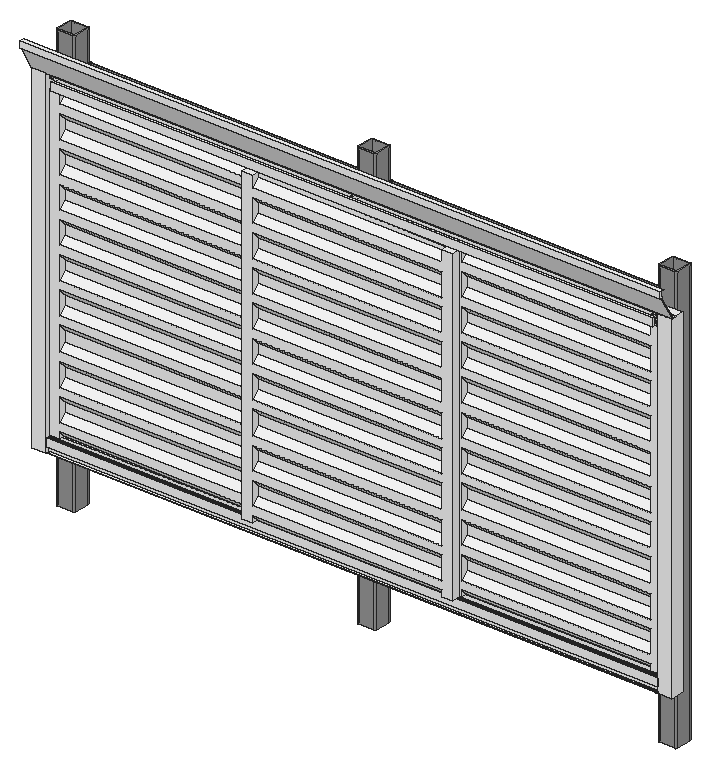
Revit family "Specialty_Equipment-Roof_Screen-Cityscapes-Envisor_4x4 Beam", category Specialty Equipment, Revit 2023 (continued)
Definition of nested family "Cityscapes-Trims"
  Dimensions and locks (in)
    Sweep 2 sketch curve to Sweep 2 sketch curve to Sweep 2 sketch curve to Sweep 2 sketch curve to Sweep 2 sketch curve to Sweep 2 sketch curve to Sweep 2 sketch curve to profile plane to Sweep 2 sketch curve = 0.0625" locked, 1.11186" locked, 0.0625" locked, 0.45405" locked, 0.04595" locked, 4.70064" locked, 0.0625" locked, 0.000" locked
    profile plane to Sweep 2 sketch curve to Sweep 2 sketch curve to Sweep 2 sketch curve to Sweep 2 sketch curve to Sweep 2 sketch curve to Sweep 2 sketch curve to Sweep 2 sketch curve to Sweep 2 sketch curve = 0.000" locked, 0.83892" locked, 0.06243" locked, 2.97365" locked, 0.46385" locked, 0.0625" locked, 0.41115" locked, 0.0625" locked
    Sweep 3 sketch curve to Sweep 3 sketch curve to Sweep 3 sketch curve to Sweep 3 sketch curve to Sweep 3 sketch curve to Sweep 3 sketch curve to Sweep 3 sketch curve to profile plane to Sweep 3 sketch curve to Sweep 3 sketch curve to Sweep 3 sketch curve = 0.0625" locked, 2.54167" locked, 0.0625" locked, 2.60417" locked, 0.0625" locked, 2.58742" locked, 0.0625" locked, 0.000" locked, 0.000" locked, 0.08917" locked
    profile plane to Sweep 3 sketch curve to Sweep 3 sketch curve to Sweep 3 sketch curve to Sweep 3 sketch curve to Sweep 3 sketch curve to Sweep 3 sketch curve to Sweep 3 sketch curve to Sweep 3 sketch curve to Sweep 3 sketch curve to Sweep 3 sketch curve = 0.000" locked, 0.875" locked, 0.0625" locked, 0.66108" locked, 0.0625" locked, 0.500" locked, 0.1875" locked, 0.0625" locked, 0.6875" locked, 0.0625" locked
    Sweep 4 sketch curve to Sweep 4 sketch curve to Sweep 4 sketch curve to Sweep 4 sketch curve to profile plane to Sweep 4 sketch curve to Sweep 4 sketch curve to Sweep 4 sketch curve = 2.78758" locked, 0.0625" locked, 2.58742" locked, 0.0625" locked, 0.000" locked, 0.000" locked, 0.08917" locked
    profile plane to Sweep 4 sketch curve to Sweep 4 sketch curve to Sweep 4 sketch curve to Sweep 4 sketch curve to Sweep 4 sketch curve to Sweep 4 sketch curve to Sweep 4 sketch curve = 0.000" locked, 0.875" locked, 0.0625" locked, 0.66108" locked, 0.0625" locked, 0.6875", 0.0625" locked
    profile plane to Sweep 5 sketch curve to Sweep 5 sketch curve to Sweep 5 sketch curve to Sweep 5 sketch curve to Sweep 5 sketch curve = 0.000" locked, 0.875" locked, 0.0625" locked, 0.66108" locked, 0.0625" locked
    Sweep 5 sketch curve to Sweep 5 sketch curve to profile plane to Sweep 5 sketch curve to Sweep 5 sketch curve to Sweep 5 sketch curve = 2.9375" locked, 0.0625" locked, 0.000" locked, 0.000" locked, 0.08917" locked
    "CD_Height": plane 5 to level
    "CD_Depth": plane 1 "Center (Front/Back)" to plane 6
    locked: plane 1 "Center (Front/Back)" to Extrusion 6 sketch curve at 0.83892
    locked: plane 2 to Extrusion 6 sketch curve at 0.0625
    "CD_Left Corner Offset": plane 7 to plane 3 "Left"
    "CD_Right Corner Offset": plane 4 "Right" to plane 8
    locked: Extrusion 7 to plane 5 at 5.5
    locked: level to Extrusion 7 at 4.50881
    Extrusion 7 sketch curve to plane 8 to Extrusion 7 sketch curve = 4.875" locked, 2.750" locked
    Extrusion 7 sketch curve to plane 6 to Extrusion 7 sketch curve = 2.750" locked, 4.875" locked
    Extrusion 7 sketch curve to plane 7 to Extrusion 7 sketch curve = 4.875" locked, 4.250" locked
    Extrusion 7 sketch curve to plane 6 to Extrusion 7 sketch curve = 4.250" locked, 4.875" locked
    aligned and locked: plane 4 "Right" to curve 1
    aligned and locked: plane 1 "Center (Front/Back)" to curve 1
    aligned and locked: plane 3 "Left" to curve 1
    aligned and locked: level to plane 2
    aligned and locked: plane 4 "Right" to Sweep 1 sketch curve
    aligned and locked: plane 3 "Left" to Sweep 1 sketch curve
    aligned and locked: plane 1 "Center (Front/Back)" to Sweep 1 sketch curve
    aligned and locked: plane 1 "Center (Front/Back)" to Sweep 2 sketch curve
    aligned and locked: plane 3 "Left" to Sweep 2 sketch curve
    aligned and locked: plane 4 "Right" to Sweep 2 sketch curve
    aligned and locked: plane 3 "Left" to Sweep 3 sketch curve
    aligned and locked: plane 4 "Right" to Sweep 3 sketch curve
    aligned and locked: plane 1 "Center (Front/Back)" to Sweep 3 sketch curve
    aligned and locked: plane 3 "Left" to Sweep 4 sketch curve
    aligned and locked: plane 4 "Right" to Sweep 4 sketch curve
    aligned and locked: plane 1 "Center (Front/Back)" to Sweep 4 sketch curve
    aligned and locked: plane 3 "Left" to Sweep 5 sketch curve
    aligned and locked: plane 4 "Right" to Sweep 5 sketch curve
    aligned and locked: plane 1 "Center (Front/Back)" to Sweep 5 sketch curve
    aligned and locked: Extrusion 6 sketch curve to plane 2
    aligned and locked: Extrusion 6 sketch curve to plane 6
    aligned and locked: Extrusion 6 sketch curve to plane 5
    aligned and locked: plane 1 "Center (Front/Back)" to Extrusion 6 sketch curve
    aligned and locked: plane 4 "Right" to Extrusion 6
    aligned and locked: Extrusion 6 to plane 3 "Left"
  Automatic sketch dimensions
    Sweep 2 sketch curve to Sweep 2 sketch curve = 0.000"  (x2)
Definition of nested family "Nested-Cityscapes-4x4 Beam"
  Parameters (values of type "4x4 Vertical Beam")
    URL = "Link to MFG corporate homepage"
    Type Comments = "Comments based on Product Type"
    Model = "Model Name or ID, set with equation if possible"  # constant formula
    Manufacturer = "Full Manufacturer Name"  # constant formula
    Description = "General Description of Product"  # constant formula
    Default Elevation = 0.000"
    CD_Width = 4.000"  # constant formula
    CD_Warranty = "Link to MFG Warranty Information"
    CD_Unit Size = "Description of Product Sizing, set with equation if possible"  # constant formula
    CD_Trim Height [instance] = 6.500"
    CD_Specification = "Link to Product Specification"
    CD_Product Page URL = "Link to MFG Product Page"
    CD_Product Name = "Name of Product/Series represented, set with equation if possible"  # constant formula
    CD_Product Documentation Link = "Link to MFG Product Brochure or Doocumentation"
    CD_Microsite = "Link to MFG CADdetails Microsite"
    CD_Install Documentation = "Link to MFG Installtion Documentation"
    CD_Height [instance] = 96.000"
    CD_Finish [instance] = none
    CD_Disclaimer = "Insert Product Description usage if available"  # constant formula
    CD_Depth = 4.000"  # constant formula
    CD_Curb Height [instance] = 12.000"
    CD_Architectural Portal = "Link to MFG Technical Resources"
    Assembly Code = "Connect to closest Uniformat"
  Reference planes (in)
    plane 1 "Center (Front/Back)": y = 0
    plane 2 "Bottom": z = 0
    plane 3 "Center (Left/Right)": x = 0
    plane 4 "top beam": z = 96
    plane 5 "Left": x = -2
    plane 6 "Right": x = 2
    plane 7 "Back": y = 2
    plane 8 "Front": y = -2
    plane 9 "curb": z = 12
    plane 10: z = 12.125
    plane 11: z = 13.385
    plane 12 "trim": z = 89.5
    plane 13 "t panel": z = 88.115
    plane 14: x = -1
    plane 15: x = 1
  Forms (in)
    Extrusion 1, solid, material <- "CD_Finish", detail levels coarse
      sketch origin (0, 0, 0) x (1, 0, 0) y (0, 1, 0)
        loop
          line (-2, 2) -> (-2, -2) -> (2, -2) -> (2, 2) -> (-2, 2)
      from 0 to 96
    Extrusion 2, solid, material <- "CD_Finish", detail levels medium+fine
      sketch origin (0, 0, 0) x (1, 0, 0) y (0, 1, 0)
        loop
          arc (-1.625, 2) -> (-1.89017, 1.89017) -> (-2, 1.625) r 0.375
          line (-2, 1.625) -> (-2, -1.625)
          arc (-2, -1.625) -> (-1.89017, -1.89017) -> (-1.625, -2) r 0.375
          line (-1.625, -2) -> (1.625, -2)
          arc (1.625, -2) -> (1.89017, -1.89017) -> (2, -1.625) r 0.375
          line (2, -1.625) -> (2, 1.625)
          arc (2, 1.625) -> (1.89017, 1.89017) -> (1.625, 2) r 0.375
          line (1.625, 2) -> (-1.625, 2)
        loop
          line (-1.75, 1.6875) -> (-1.75, -1.6875)
          arc (-1.75, -1.6875) -> (-1.73169, -1.73169) -> (-1.6875, -1.75) r 0.0625
          line (-1.6875, -1.75) -> (1.6875, -1.75)
          arc (1.6875, -1.75) -> (1.73169, -1.73169) -> (1.75, -1.6875) r 0.0625
          line (1.75, -1.6875) -> (1.75, 1.6875)
          arc (1.75, 1.6875) -> (1.73169, 1.73169) -> (1.6875, 1.75) r 0.0625
          line (1.6875, 1.75) -> (-1.6875, 1.75)
          arc (-1.6875, 1.75) -> (-1.73169, 1.73169) -> (-1.75, 1.6875) r 0.0625
      from 0 to 96
    Extrusion 3, solid, material <- "CD_Finish", detail levels medium+fine
      sketch origin (0, 0, 5.55864) x (0, 1, 0) y (0, 0, 1)
        loop
          line (-2, 7.4514) -> (-2, 10.4514) -> (-2.125, 10.4514)
          arc (-2.125, 10.4514) -> (-2.21339, 10.41479) -> (-2.25, 10.3264) r 0.125
          line (-2.25, 10.3264) -> (-2.25, 7.8264)
          arc (-2.25, 7.8264) -> (-2.28661, 7.73801) -> (-2.375, 7.7014) r 0.125
          line (-2.375, 7.7014) -> (-4.875, 7.7014)
          arc (-4.875, 7.7014) -> (-4.96339, 7.66479) -> (-5, 7.5764) r 0.125
          line (-5, 7.5764) -> (-5, 7.4514) -> (-2, 7.4514)
      from -1 to 1
    Extrusion 4, solid, material <- "CD_Finish", detail levels medium+fine
      sketch origin (0, 0, 95.94136) x (0, 1, 0) y (0, 0, 1)
        loop
          line (-2, -7.4514) -> (-5, -7.4514) -> (-5, -7.5764)
          arc (-5, -7.5764) -> (-4.96339, -7.66479) -> (-4.875, -7.7014) r 0.125
          line (-4.875, -7.7014) -> (-2.375, -7.7014)
          arc (-2.375, -7.7014) -> (-2.28661, -7.73801) -> (-2.25, -7.8264) r 0.125
          line (-2.25, -7.8264) -> (-2.25, -10.3264)
          arc (-2.25, -10.3264) -> (-2.21339, -10.41479) -> (-2.125, -10.4514) r 0.125
          line (-2.125, -10.4514) -> (-2, -10.4514) -> (-2, -7.4514)
      from -1 to 1
  Dimensions and locks (in)
    "CD_Height": plane 4 "top beam" to plane 2 "Bottom"
    equal spacing: plane 5 "Left", plane 3 "Center (Left/Right)", plane 6 "Right"
    "CD_Width": plane 5 "Left" to plane 6 "Right"
    equal spacing: plane 8 "Front", plane 1 "Center (Front/Back)", plane 7 "Back"
    "CD_Depth": plane 8 "Front" to plane 7 "Back"
    locked: plane 5 "Left" to Extrusion 2 sketch curve at 0.25
    locked: Extrusion 2 sketch curve to plane 6 "Right" at 0.25
    locked: Extrusion 2 sketch curve to plane 7 "Back" at 0.25
    locked: plane 8 "Front" to Extrusion 2 sketch curve at 0.25
    "CD_Curb Height": plane 9 "curb" to level
    plane 11 to plane 10 to plane 9 "curb" = 1.260" locked, 0.125" locked
    "CD_Trim Height": plane 4 "top beam" to plane 12 "trim"
    locked: plane 12 "trim" to plane 13 "t panel" at 1.385
    plane 15 to plane 3 "Center (Left/Right)" to plane 14 = 1.000" locked, 1.000" locked
    aligned and locked: plane 2 "Bottom" to level
    aligned and locked: plane 7 "Back" to Extrusion 1 sketch curve
    aligned and locked: plane 5 "Left" to Extrusion 1 sketch curve
    aligned and locked: Extrusion 1 sketch curve to plane 8 "Front"
    aligned and locked: Extrusion 1 sketch curve to plane 6 "Right"
    aligned and locked: Extrusion 1 to level
    aligned and locked: plane 4 "top beam" to Extrusion 1
    aligned and locked: plane 5 "Left" to Extrusion 2 sketch curve
    aligned and locked: Extrusion 2 sketch curve to plane 8 "Front"
    aligned and locked: Extrusion 2 sketch curve to plane 6 "Right"
    aligned and locked: plane 7 "Back" to Extrusion 2 sketch curve
    aligned and locked: Extrusion 2 to level
    aligned and locked: plane 4 "top beam" to Extrusion 2
    aligned and locked: Extrusion 4 to plane 14
    aligned and locked: plane 15 to Extrusion 4
    aligned and locked: Extrusion 3 to plane 14
    aligned and locked: plane 15 to Extrusion 3
  Automatic sketch dimensions
    Extrusion 2 sketch curve to Extrusion 2 sketch curve = 0.0625"  (x6)
    Extrusion 2 sketch curve to Extrusion 2 sketch curve = 0.125"  (x2)
    Extrusion 3 sketch curve to plane 8 "Front" = 0.000"
    plane 8 "Front" to Extrusion 3 sketch curve = 0.125"
    plane 11 to Extrusion 3 sketch curve = 0.00004"
    plane 8 "Front" to Extrusion 3 sketch curve = 0.250"
    Extrusion 3 sketch curve to plane 11 = 0.12496"
    Extrusion 3 sketch curve to plane 11 = 0.24996"
    Extrusion 3 sketch curve to Extrusion 3 sketch curve = 2.500"
    Extrusion 3 sketch curve to plane 11 = 0.37496"
    plane 11 to Extrusion 3 sketch curve = 2.50004"
    Extrusion 4 sketch curve to plane 8 "Front" = 0.000"
    plane 8 "Front" to Extrusion 4 sketch curve = 0.125"
    Extrusion 4 sketch curve to plane 13 "t panel" = 0.00004"
    plane 8 "Front" to Extrusion 4 sketch curve = 0.250"
    plane 13 "t panel" to Extrusion 4 sketch curve = 0.12496"
    plane 13 "t panel" to Extrusion 4 sketch curve = 0.24996"
    Extrusion 4 sketch curve to Extrusion 4 sketch curve = 2.500"  (x2)
    plane 13 "t panel" to Extrusion 4 sketch curve = 0.37496"
Definition of nested family "Nested-Cityscapes-4x4 Beam_Horizontal"
  Parameters (values of type "4x4 Horizontal Beam")
    URL = "Link to MFG corporate homepage"
    Type Comments = "Comments based on Product Type"
    Model = "Model Name or ID, set with equation if possible"  # constant formula
    Manufacturer = "Full Manufacturer Name"  # constant formula
    Description = "General Description of Product"  # constant formula
    Default Elevation = 0.000"
    CD_Width Mid [instance] = 48.000"
    CD_Width = 4.000"  # constant formula
    CD_Warranty = "Link to MFG Warranty Information"
    CD_Unit Size = "Description of Product Sizing, set with equation if possible"  # constant formula
    CD_Trim Height [instance] = 6.500"
    CD_Specification = "Link to Product Specification"
    CD_Product Page URL = "Link to MFG Product Page"
    CD_Product Name = "Name of Product/Series represented, set with equation if possible"  # constant formula
    CD_Product Documentation Link = "Link to MFG Product Brochure or Doocumentation"
    CD_Microsite = "Link to MFG CADdetails Microsite"
    CD_Install Documentation = "Link to MFG Installtion Documentation"
    CD_Height [instance] = 96.000"
    CD_Finish [instance] = none
    CD_Disclaimer = "Insert Product Description usage if available"  # constant formula
    CD_Depth = 4.000"  # constant formula
    CD_Curb Height [instance] = 12.000"
    CD_Architectural Portal = "Link to MFG Technical Resources"
    Assembly Code = "Connect to closest Uniformat"
  Reference planes (in)
    plane 1 "Center (Front/Back)": y = 0
    plane 2 "Bottom": z = 0
    plane 3 "Center (Left/Right)": x = 0
    plane 4 "top beam": z = 96
    plane 5 "Left": x = -2
    plane 6 "Right": x = 2
    plane 7 "Back": y = 2
    plane 8 "Front": y = -2
    plane 9 "curb": z = 12
    plane 10 "trim": z = 89.5
    plane 11: x = 46
    plane 12: x = 48
    plane 13: x = 50
  Forms (in)
    Extrusion 1, solid, material <- "CD_Finish", detail levels coarse
      sketch origin (0, 0, 0) x (0, 1, 0) y (0, 0, 1)
        loop
          line (2, 12) -> (2, 16) -> (-2, 16) -> (-2, 12) -> (2, 12)
      from 2 to 46
    Extrusion 2, solid, material <- "CD_Finish", detail levels coarse
      sketch origin (0, 0, 73.5) x (0, 1, 0) y (0, 0, 1)
        loop
          line (2, 12) -> (2, 16) -> (-2, 16) -> (-2, 12) -> (2, 12)
      from 2 to 46
    Extrusion 3, solid, material <- "CD_Finish", detail levels medium+fine
      sketch origin (0, 0, 0) x (0, 1, 0) y (0, 0, 1)
        loop
          line (-1.625, 12) -> (1.625, 12)
          arc (1.625, 12) -> (1.89017, 12.10983) -> (2, 12.375) r 0.375
          line (2, 12.375) -> (2, 15.625)
          arc (2, 15.625) -> (1.89017, 15.89017) -> (1.625, 16) r 0.375
          line (1.625, 16) -> (-1.625, 16)
          arc (-1.625, 16) -> (-1.89017, 15.89017) -> (-2, 15.625) r 0.375
          line (-2, 15.625) -> (-2, 12.375)
          arc (-2, 12.375) -> (-1.89017, 12.10983) -> (-1.625, 12) r 0.375
        loop
          line (1.6875, 15.75) -> (-1.6875, 15.75)
          arc (-1.6875, 15.75) -> (-1.73169, 15.73169) -> (-1.75, 15.6875) r 0.0625
          line (-1.75, 15.6875) -> (-1.75, 12.3125)
          arc (-1.75, 12.3125) -> (-1.73169, 12.26831) -> (-1.6875, 12.25) r 0.0625
          line (-1.6875, 12.25) -> (1.6875, 12.25)
          arc (1.6875, 12.25) -> (1.73169, 12.26831) -> (1.75, 12.3125) r 0.0625
          line (1.75, 12.3125) -> (1.75, 15.6875)
          arc (1.75, 15.6875) -> (1.73169, 15.73169) -> (1.6875, 15.75) r 0.0625
      from 2 to 46
    Extrusion 4, solid, material <- "CD_Finish", detail levels medium+fine
      sketch origin (0, 0, 73.5) x (0, 1, 0) y (0, 0, 1)
        loop
          line (-1.625, 12) -> (1.625, 12)
          arc (1.625, 12) -> (1.89017, 12.10983) -> (2, 12.375) r 0.375
          line (2, 12.375) -> (2, 15.625)
          arc (2, 15.625) -> (1.89017, 15.89017) -> (1.625, 16) r 0.375
          line (1.625, 16) -> (-1.625, 16)
          arc (-1.625, 16) -> (-1.89017, 15.89017) -> (-2, 15.625) r 0.375
          line (-2, 15.625) -> (-2, 12.375)
          arc (-2, 12.375) -> (-1.89017, 12.10983) -> (-1.625, 12) r 0.375
        loop
          line (1.6875, 15.75) -> (-1.6875, 15.75)
          arc (-1.6875, 15.75) -> (-1.73169, 15.73169) -> (-1.75, 15.6875) r 0.0625
          line (-1.75, 15.6875) -> (-1.75, 12.3125)
          arc (-1.75, 12.3125) -> (-1.73169, 12.26831) -> (-1.6875, 12.25) r 0.0625
          line (-1.6875, 12.25) -> (1.6875, 12.25)
          arc (1.6875, 12.25) -> (1.73169, 12.26831) -> (1.75, 12.3125) r 0.0625
          line (1.75, 12.3125) -> (1.75, 15.6875)
          arc (1.75, 15.6875) -> (1.73169, 15.73169) -> (1.6875, 15.75) r 0.0625
      from 2 to 46
  Dimensions and locks (in)
    "CD_Height": plane 4 "top beam" to plane 2 "Bottom"
    equal spacing: plane 5 "Left", plane 3 "Center (Left/Right)", plane 6 "Right"
    "CD_Width": plane 5 "Left" to plane 6 "Right"
    equal spacing: plane 8 "Front", plane 1 "Center (Front/Back)", plane 7 "Back"
    "CD_Depth": plane 8 "Front" to plane 7 "Back"
    "CD_Curb Height": plane 9 "curb" to level
    "CD_Trim Height": plane 4 "top beam" to plane 10 "trim"
    "CD_Width Mid": plane 3 "Center (Left/Right)" to plane 12
    locked: Extrusion 1 sketch curve to plane 9 "curb" at 4
    locked: plane 10 "trim" to Extrusion 2 sketch curve at 4
    locked: Extrusion 3 sketch curve to plane 9 "curb" at 4
    locked: Extrusion 3 sketch curve to plane 8 "Front" at 0.25
    locked: plane 7 "Back" to Extrusion 3 sketch curve at 0.25
    locked: Extrusion 3 sketch curve to plane 9 "curb" at 0.25
    locked: Extrusion 3 sketch curve to Extrusion 3 sketch curve at 0.25
    locked: Extrusion 4 sketch curve to Extrusion 4 sketch curve at 0.25  (x2)
    locked: plane 10 "trim" to Extrusion 4 sketch curve at 4
    locked: plane 7 "Back" to Extrusion 4 sketch curve at 0.25
    locked: Extrusion 4 sketch curve to plane 8 "Front" at 0.25
    "CD_Width": plane 11 to plane 13
    equal spacing: plane 11, plane 12, plane 13
    aligned and locked: plane 2 "Bottom" to level
    aligned and locked: Extrusion 1 sketch curve to plane 7 "Back"
    aligned and locked: plane 8 "Front" to Extrusion 1 sketch curve
    aligned and locked: Extrusion 1 sketch curve to plane 9 "curb"
    aligned and locked: plane 11 to Extrusion 1
    aligned and locked: Extrusion 1 to plane 6 "Right"
    aligned and locked: plane 10 "trim" to Extrusion 2 sketch curve
    aligned and locked: plane 8 "Front" to Extrusion 2 sketch curve
    aligned and locked: Extrusion 2 sketch curve to plane 7 "Back"
    aligned and locked: Extrusion 2 to plane 6 "Right"
    aligned and locked: plane 11 to Extrusion 2
    aligned and locked: plane 7 "Back" to Extrusion 3 sketch curve
    aligned and locked: plane 9 "curb" to Extrusion 3 sketch curve
    aligned and locked: Extrusion 3 sketch curve to plane 8 "Front"
    aligned and locked: plane 11 to Extrusion 3
    aligned and locked: Extrusion 3 to plane 6 "Right"
    aligned and locked: plane 7 "Back" to Extrusion 4 sketch curve
    aligned and locked: Extrusion 4 sketch curve to plane 8 "Front"
    aligned and locked: Extrusion 4 sketch curve to plane 10 "trim"
    aligned and locked: plane 11 to Extrusion 4
    aligned and locked: Extrusion 4 to plane 6 "Right"
  Automatic sketch dimensions
    Extrusion 3 sketch curve to Extrusion 3 sketch curve = 0.0625"  (x6)
    Extrusion 3 sketch curve to Extrusion 3 sketch curve = 0.125"  (x2)
    Extrusion 4 sketch curve to Extrusion 4 sketch curve = 0.0625"  (x7)
    plane 7 "Back" to Extrusion 4 sketch curve = 0.375"
Definition of nested family "Nested-Cityscapes-Rail"
  Parameters (values of type "4x4 Vertical Beam")
    URL = "Link to MFG corporate homepage"
    Type Comments = "Comments based on Product Type"
    Model = "Model Name or ID, set with equation if possible"  # constant formula
    Manufacturer = "Full Manufacturer Name"  # constant formula
    Description = "General Description of Product"  # constant formula
    Default Elevation = 0.000"
    CD_Width = 4.000"  # constant formula
    CD_Warranty = "Link to MFG Warranty Information"
    CD_Unit Size = "Description of Product Sizing, set with equation if possible"  # constant formula
    CD_Trim Height [instance] = 6.500"
    CD_Specification = "Link to Product Specification"
    CD_Product Page URL = "Link to MFG Product Page"
    CD_Product Name = "Name of Product/Series represented, set with equation if possible"  # constant formula
    CD_Product Documentation Link = "Link to MFG Product Brochure or Doocumentation"
    CD_Microsite = "Link to MFG CADdetails Microsite"
    CD_Length [instance] = 144.000"
    CD_Install Documentation = "Link to MFG Installtion Documentation"
    CD_Height [instance] = 96.000"
    CD_Finish [instance] = none
    CD_Disclaimer = "Insert Product Description usage if available"  # constant formula
    CD_Depth = 4.000"  # constant formula
    CD_Curb Height [instance] = 12.000"
    CD_Architectural Portal = "Link to MFG Technical Resources"
    Assembly Code = "Connect to closest Uniformat"
  Reference planes (in)
    plane 1 "Center (Front/Back)": y = 0
    plane 2 "Bottom": z = 0
    plane 3 "Center (Left/Right)": x = 0
    plane 4 "top beam": z = 96
    plane 5 "Left": x = -1
    plane 6 "Right": x = 1
    plane 7 "Back": y = 2
    plane 8 "Front": y = -2
    plane 9 "curb": z = 12
    plane 10: z = 12.125
    plane 11: z = 13.385
    plane 12 "trim": z = 89.5
    plane 13 "t panel": z = 88.115
    plane 14 "Extent": x = 144
    plane 15: x = 143
    plane 16: x = 145
  Forms (in)
    Extrusion 1, solid, material <- "CD_Finish", detail levels medium+fine
      sketch origin (0, 19.10673, -6.96669) x (0, 1, 0) y (0, 0, 1)
        loop
          line (-21.94209, 21.85173) -> (-22.24157, 21.85173) -> (-22.24157, 21.72696) -> (-22.06709, 21.72696) -> (-22.06709, 20.35173) -> (-22.66708, 20.35173) -> (-22.66708, 21.72696) -> (-22.4926, 21.72696) -> (-22.4926, 21.85173) -> (-22.79208, 21.85173) -> (-22.79208, 21.06673) -> (-22.97958, 21.06673) -> (-22.97958, 20.97673) -> (-22.79208, 20.97673) -> (-22.79208, 20.85673) -> (-22.97958, 20.85673) -> (-22.97958, 20.76673) -> (-22.79208, 20.76673) -> (-22.79208, 20.35173) -> (-23.26707, 20.35173) -> (-23.26707, 20.41422) -> (-23.35707, 20.41422) -> (-23.35707, 20.35173) -> (-23.47706, 20.35173) -> (-23.47706, 20.41422) -> (-23.56706, 20.41422) -> (-23.56706, 20.35173) -> (-24.04208, 20.35173) -> (-24.04208, 20.76673) -> (-23.85458, 20.76673) -> (-23.85458, 20.85673) -> (-24.04208, 20.85673) -> (-24.04208, 20.97673) -> (-23.85458, 20.97673) -> (-23.85458, 21.06673) -> (-24.04208, 21.06673) -> (-24.04208, 21.85173) -> (-24.34157, 21.85173) -> (-24.34157, 21.72696) -> (-24.16708, 21.72696) -> (-24.16708, 20.35173) -> (-24.76708, 20.35173) -> (-24.76708, 21.72696) -> (-24.59259, 21.72696) -> (-24.59259, 21.85173) -> (-24.89209, 21.85173) -> (-24.89209, 20.22673) -> (-24.23173, 20.22673) -> (-24.23173, 19.06169) -> (-24.77873, 19.06169) -> (-24.77873, 19.00606) -> (-24.84173, 19.00606) -> (-24.84173, 18.96669) -> (-23.91798, 18.96669) -> (-23.91798, 18.89669) -> (-24.01173, 18.89669) -> (-24.01173, 18.83369) -> (-23.85498, 18.83369) -> (-23.85498, 18.96669) -> (-22.97958, 18.96669) -> (-22.97958, 19.09173) -> (-24.10673, 19.09173) -> (-24.10673, 20.22673) -> (-21.94209, 20.22673) -> (-21.94209, 21.85173)
      from -1 to 145
    Extrusion 2, solid, material <- "CD_Finish", detail levels medium+fine
      sketch origin (0, 21.34616, 54.79239) x (0, 1, 0) y (0, 0, 1)
        loop
          line (-24.18152, 31.82257) -> (-24.18152, 33.44757) -> (-26.34616, 33.44757) -> (-26.34616, 34.58257) -> (-25.21902, 34.58257) -> (-25.21902, 34.70761) -> (-26.09441, 34.70761) -> (-26.09441, 34.84061) -> (-26.25116, 34.84061) -> (-26.25116, 34.77761) -> (-26.15741, 34.77761) -> (-26.15741, 34.70761) -> (-27.08116, 34.70761) -> (-27.08116, 34.66824) -> (-27.01816, 34.66824) -> (-27.01816, 34.61261) -> (-26.47116, 34.61261) -> (-26.47116, 33.44757) -> (-27.13152, 33.44757) -> (-27.13152, 31.82257) -> (-26.83203, 31.82257) -> (-26.83203, 31.94734) -> (-27.00651, 31.94734) -> (-27.00651, 33.32257) -> (-26.40652, 33.32257) -> (-26.40652, 31.94734) -> (-26.581, 31.94734) -> (-26.581, 31.82257) -> (-26.28152, 31.82257) -> (-26.28152, 32.60757) -> (-26.09402, 32.60757) -> (-26.09402, 32.69757) -> (-26.28152, 32.69757) -> (-26.28152, 32.81757) -> (-26.09402, 32.81757) -> (-26.09402, 32.90757) -> (-26.28152, 32.90757) -> (-26.28152, 33.32257) -> (-25.80649, 33.32257) -> (-25.80649, 33.26008) -> (-25.71649, 33.26008) -> (-25.71649, 33.32257) -> (-25.59651, 33.32257) -> (-25.59651, 33.26008) -> (-25.50651, 33.26008) -> (-25.50651, 33.32257) -> (-25.03152, 33.32257) -> (-25.03152, 32.90757) -> (-25.21902, 32.90757) -> (-25.21902, 32.81757) -> (-25.03152, 32.81757) -> (-25.03152, 32.69757) -> (-25.21902, 32.69757) -> (-25.21902, 32.60757) -> (-25.03152, 32.60757) -> (-25.03152, 31.82257) -> (-24.73203, 31.82257) -> (-24.73203, 31.94734) -> (-24.90652, 31.94734) -> (-24.90652, 33.32257) -> (-24.30652, 33.32257) -> (-24.30652, 31.94734) -> (-24.48101, 31.94734) -> (-24.48101, 31.82257) -> (-24.18152, 31.82257)
      from 0 to 144
    Extrusion 3, solid, material <- "CD_Finish", detail levels coarse
      sketch origin (0, 0, 0.12496) x (0, 1, 0) y (0, 0, 1)
        loop
          line (-5.78536, 86.49) -> (-2, 86.49) -> (-2, 89.37504) -> (-5.78536, 89.37504) -> (-5.78536, 86.49)
      from 0 to 144
    Extrusion 4, solid, material <- "CD_Finish", detail levels coarse
      sketch origin (0, 0, -74.61496) x (0, 1, 0) y (0, 0, 1)
        loop
          line (-5.78536, 86.49) -> (-2, 86.49) -> (-2, 89.5) -> (-5.78536, 89.5) -> (-5.78536, 86.49)
      from -1 to 145
  Dimensions and locks (in)
    "CD_Height": plane 4 "top beam" to plane 2 "Bottom"
    equal spacing: plane 5 "Left", plane 3 "Center (Left/Right)", plane 6 "Right"
    "CD_Length": plane 3 "Center (Left/Right)" to plane 14 "Extent"
    equal spacing: plane 8 "Front", plane 1 "Center (Front/Back)", plane 7 "Back"
    "CD_Depth": plane 8 "Front" to plane 7 "Back"
    "CD_Curb Height": plane 9 "curb" to level
    plane 11 to plane 10 to plane 9 "curb" = 1.260" locked, 0.125" locked
    "CD_Trim Height": plane 4 "top beam" to plane 12 "trim"
    locked: plane 12 "trim" to plane 13 "t panel" at 1.385
    Extrusion 1 sketch curve to Extrusion 1 sketch curve to Extrusion 1 sketch curve to Extrusion 1 sketch curve to Extrusion 1 sketch curve to Extrusion 1 sketch curve to Extrusion 1 sketch curve to Extrusion 1 sketch curve to Extrusion 1 sketch curve to Extrusion 1 sketch curve to Extrusion 1 sketch curve to Extrusion 1 sketch curve to Extrusion 1 sketch curve to Extrusion 1 sketch curve to Extrusion 1 sketch curve to Extrusion 1 sketch curve to Extrusion 1 sketch curve to Extrusion 1 sketch curve to Extrusion 1 sketch curve to Extrusion 1 sketch curve to Extrusion 1 sketch curve to Extrusion 1 sketch curve to Extrusion 1 sketch curve to Extrusion 1 sketch curve to Extrusion 1 sketch curve to Extrusion 1 sketch curve to Extrusion 1 sketch curve to Extrusion 1 sketch curve to Extrusion 1 sketch curve to Extrusion 1 sketch curve to Extrusion 1 sketch curve to Extrusion 1 sketch curve = 0.125" locked, 0.17449" locked, 0.25102" locked, 0.17449" locked, 0.125" locked, 0.000" locked, 0.000" locked, 0.1875" locked, 0.000" locked, 0.000" locked, 0.28749" locked, 0.090" locked, 0.11998" locked, 0.090" locked, 0.28753", 0.000" locked, 0.0004" locked, 0.063" locked, 0.09375" locked, 0.03035" locked, 0.000" locked, 0.000" locked, 0.06465" locked, 0.06035" locked, 0.06465" locked, 0.10984" locked, 0.25102" locked, 0.17449" locked, 0.01165" locked, 0.063" locked, 0.05036" locked
    Extrusion 1 sketch curve to Extrusion 1 sketch curve to Extrusion 1 sketch curve to Extrusion 1 sketch curve to Extrusion 1 sketch curve to Extrusion 1 sketch curve to Extrusion 1 sketch curve to Extrusion 1 sketch curve to Extrusion 1 sketch curve to Extrusion 1 sketch curve to Extrusion 1 sketch curve to Extrusion 1 sketch curve to Extrusion 1 sketch curve to Extrusion 1 sketch curve to Extrusion 1 sketch curve to Extrusion 1 sketch curve to Extrusion 1 sketch curve to Extrusion 1 sketch curve to Extrusion 1 sketch curve to Extrusion 1 sketch curve to Extrusion 1 sketch curve to Extrusion 1 sketch curve to Extrusion 1 sketch curve to Extrusion 1 sketch curve to Extrusion 1 sketch curve to Extrusion 1 sketch curve to Extrusion 1 sketch curve to Extrusion 1 sketch curve to Extrusion 1 sketch curve to Extrusion 1 sketch curve to Extrusion 1 sketch curve to Extrusion 1 sketch curve = 0.000" locked, 0.000" locked, 0.000" locked, 0.12477" locked, 0.000" locked, 0.000" locked, 0.000" locked, 0.66023" locked, 0.000" locked, 0.090" locked, 0.000" locked, 0.120" locked, 0.000" locked, 0.090" locked, 0.000" locked, 0.35251" locked, 0.000" locked, 0.06249" locked, 0.000" locked, 0.000" locked, 0.000" locked, 0.000" locked, 0.125" locked, 0.000" locked, 1.135" locked, 0.03004" locked, 0.05563" locked, 0.03937", 0.000" locked, 0.070" locked, 0.063"
    Extrusion 2 sketch curve to Extrusion 2 sketch curve to Extrusion 2 sketch curve to Extrusion 2 sketch curve to Extrusion 2 sketch curve to Extrusion 2 sketch curve to Extrusion 2 sketch curve to Extrusion 2 sketch curve to Extrusion 2 sketch curve to Extrusion 2 sketch curve to Extrusion 2 sketch curve to Extrusion 2 sketch curve to Extrusion 2 sketch curve to Extrusion 2 sketch curve to Extrusion 2 sketch curve to Extrusion 2 sketch curve to Extrusion 2 sketch curve to Extrusion 2 sketch curve to Extrusion 2 sketch curve to Extrusion 2 sketch curve to Extrusion 2 sketch curve to Extrusion 2 sketch curve to Extrusion 2 sketch curve to Extrusion 2 sketch curve to Extrusion 2 sketch curve to Extrusion 2 sketch curve to Extrusion 2 sketch curve to Extrusion 2 sketch curve to Extrusion 2 sketch curve to Extrusion 2 sketch curve to Extrusion 2 sketch curve to Extrusion 2 sketch curve = 0.125" locked, 0.17449" locked, 0.25102" locked, 0.17449" locked, 0.125" locked, 0.000" locked, 0.000" locked, 0.1875" locked, 0.000" locked, 0.000" locked, 0.28749" locked, 0.090" locked, 0.11998" locked, 0.090" locked, 0.28753", 0.000" locked, 0.0004" locked, 0.063" locked, 0.09375" locked, 0.03035" locked, 0.000" locked, 0.000" locked, 0.06465" locked, 0.06035" locked, 0.06465" locked, 0.10984" locked, 0.25102" locked, 0.17449" locked, 0.01165" locked, 0.063" locked, 0.05036" locked
    Extrusion 2 sketch curve to Extrusion 2 sketch curve to Extrusion 2 sketch curve to Extrusion 2 sketch curve to Extrusion 2 sketch curve to Extrusion 2 sketch curve to Extrusion 2 sketch curve to Extrusion 2 sketch curve to Extrusion 2 sketch curve to Extrusion 2 sketch curve to Extrusion 2 sketch curve to Extrusion 2 sketch curve to Extrusion 2 sketch curve to Extrusion 2 sketch curve to Extrusion 2 sketch curve to Extrusion 2 sketch curve to Extrusion 2 sketch curve to Extrusion 2 sketch curve to Extrusion 2 sketch curve to Extrusion 2 sketch curve to Extrusion 2 sketch curve to Extrusion 2 sketch curve to Extrusion 2 sketch curve to Extrusion 2 sketch curve to Extrusion 2 sketch curve to Extrusion 2 sketch curve to Extrusion 2 sketch curve to Extrusion 2 sketch curve to Extrusion 2 sketch curve to Extrusion 2 sketch curve to Extrusion 2 sketch curve to Extrusion 2 sketch curve = 0.000" locked, 0.000" locked, 0.000" locked, 0.12477" locked, 0.000" locked, 0.000" locked, 0.000" locked, 0.66023" locked, 0.000" locked, 0.090" locked, 0.000" locked, 0.120" locked, 0.000" locked, 0.090" locked, 0.000" locked, 0.35251" locked, 0.000" locked, 0.06249" locked, 0.000" locked, 0.000" locked, 0.000" locked, 0.000" locked, 0.125" locked, 0.000" locked, 1.135" locked, 0.03004" locked, 0.05563" locked, 0.03937", 0.000" locked, 0.070" locked, 0.063"
    plane 12 "trim" to Extrusion 3 sketch curve = 2.88504"
    locked: plane 8 "Front" to Extrusion 3 sketch curve at 3.78536
    locked: plane 5 "Left" to plane 6 "Right" at 2
    locked: plane 15 to plane 16 at 2
    equal spacing: plane 15, plane 14 "Extent", plane 16
    aligned and locked: plane 2 "Bottom" to level
    aligned and locked: plane 8 "Front" to Extrusion 3 sketch curve
    aligned and locked: plane 12 "trim" to Extrusion 3
    aligned and locked: plane 14 "Extent" to Extrusion 2
    aligned and locked: Extrusion 2 to plane 3 "Center (Left/Right)"
    aligned and locked: Extrusion 3 to Extrusion 2
    aligned and locked: Extrusion 3 to plane 3 "Center (Left/Right)"
    aligned and locked: plane 16 to Extrusion 4
    aligned and locked: plane 16 to Extrusion 1
    aligned and locked: Extrusion 4 to plane 5 "Left"
    aligned and locked: Extrusion 1 to plane 5 "Left"
  Automatic sketch dimensions
    Extrusion 1 sketch curve to plane 9 "curb" = 0.000"
    plane 8 "Front" to Extrusion 1 sketch curve = 3.78536"
    Extrusion 2 sketch curve to plane 12 "trim" = 0.000"
    plane 8 "Front" to Extrusion 2 sketch curve = 3.78536"
    Extrusion 3 sketch curve to plane 12 "trim" = 0.000"
    Extrusion 4 sketch curve to plane 8 "Front" = 0.000"
    Extrusion 4 sketch curve to plane 9 "curb" = 0.12496"
    Extrusion 4 sketch curve to Extrusion 4 sketch curve = 3.78536"
    plane 11 to Extrusion 4 sketch curve = 1.50004"
